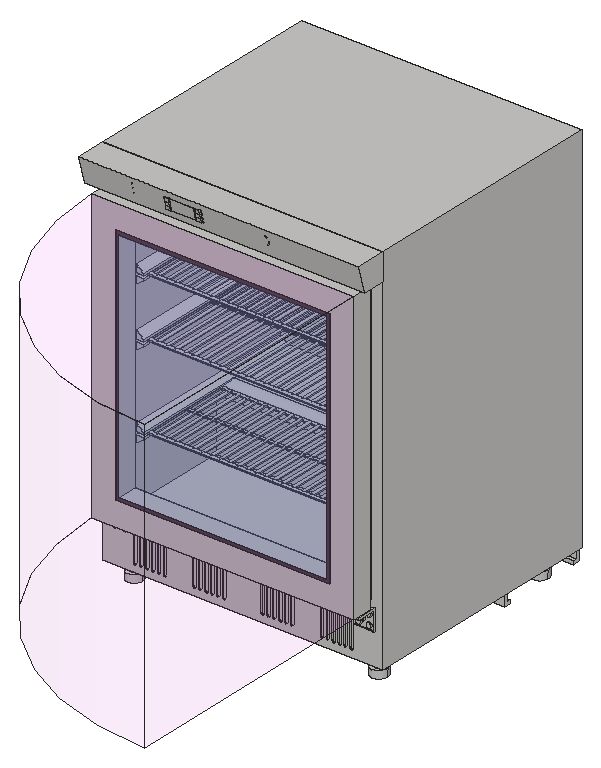
Revit family "QF_Kelvinator_738326_KCHUCGD23F_1-Glass_Door_ADA_Height_Under_Counter_Freezer_24_Long", category Specialty Equipment, Revit 2021
Family settings
  Round Connector Dimension = Use Diameter
  Part Type = Normal
  Work Plane-Based = No
  Always vertical = Yes
  Cut with Voids When Loaded = No
  Shared = No
  Room Calculation Point = No
Parameters
  Weight in Pounds = 114.64
  Watts = 700 W
  Volts = 120 V
  URL Cutsheet = ""
  Specification by User = ""
  Specification by Manufacturer = ""
  Serial Number = ""
  Seismic Rating = ""
  SMACNA No = ""
  Revision Code = ""
  Refrigerant Type = "R290"
  Phase = 1
  Number of Poles = 1
  NAFEM Spec ID Number = ""
  Model = "738326 (KCHUCGD23F)"
  Min Ckt Ampacity = 0 A
  Max Overcurrent Protection = 0 A
  Masterspec = ""
  Manufacturer = "Kelvinator Commercial"
  Length = 23.622"
  Item Number = "738326"
  Installed By = ""
  Identify Quantity as Lot = yes
  Height = 33.03125"
  HP = "1/4"
  Furnished By = ""
  Foodservice Equipment Identifier = yes
  FL Amps = 5.5 A
  Electrical Remarks = ""
  Electric Connection Type = ""
  Elec Conn RI Height = 0.000"
  Elec Conn Connection Height = 0.000"
  Description = "1-Glass Door ADA Height Under Counter Freezer 24\" Long"
  Depth = 23.425"
  Default Elevation = 0.000"
  Cycle = 60 Hz
  Conn Plug = "NEMA 5-15P"
  Conn Conduit = yes
  CSI MasterFormat = ""
  Apparent Power = 0 VA
Reference planes (in)
  plane 1 "BACK": y = 0
  plane 2: z = 0
  plane 3 "LEFT": x = 0
  plane 4 "RIGHT": x = 23.622
  plane 5 "FRONT": y = -23.425
  plane 6 "TOP": z = 33.03125
  plane 7 "Center Y": x = 11.811
  plane 8 "Center X": y = -11.7125
Dimensions and locks (in)
  equal spacing: plane 3 "LEFT", plane 7 "Center Y", plane 4 "RIGHT"
  "Length": plane 3 "LEFT" to plane 4 "RIGHT"
  equal spacing: plane 5 "FRONT", plane 8 "Center X", plane 1 "BACK"
  "Depth": plane 5 "FRONT" to plane 1 "BACK"
  "Height": plane 6 "TOP" to level
  aligned and locked: level to plane 2
Nested families (in)
  nested 1: "KCHRI25R1DRE" at (0, 0, 0), type "KCHRI25R1DRE"
    with Show Clearance yes
Connectors (in)
  electrical at (11.8125, 0.13, 2.5), driven by "Volts", driven by "Watts"
    settings: on nested 1, index 1, voltage 120 V, apparent load 700 VA, apparent load phase1 0 VA, apparent load phase2 0 VA, apparent load phase3 0 VA, power factor 1, load classification "Other", number of poles 1, system type 30, power factor state 1, is connector primary yes, connector utility no, sub classification motor no, connector description ""
Definition of nested family "KCHRI25R1DRE"
  Parameters (values of type "KCHRI25R1DRE")
    Weight in Pounds = 0
    URL Cutsheet = ""
    Specification by User = ""
    Specification by Manufacturer = ""
    Show Clearance [instance] = yes
    Serial Number = ""
    Seismic Rating = ""
    SMACNA No = ""
    Revision Code = ""
    NAFEM Spec ID Number = ""
    Masterspec = ""
    Length = 23.622"
    Item Number = ""
    Installed By = ""
    Identify Quantity as Lot = yes
    Height = 33.03125"
    Furnished By = ""
    Foodservice Equipment Identifier = yes
    Depth = 23.425"
    Default Elevation = 0.000"
    CSI MasterFormat = ""
  Reference planes (in)
    plane 1 "BACK": y = 0
    plane 2: z = 0
    plane 3 "LEFT": x = 0
    plane 4 "RIGHT": x = 23.622
    plane 5 "FRONT": y = -23.425
    plane 6 "TOP": z = 33.03125
    plane 7 "Center Y": x = 11.811
    plane 8 "Center X": y = -11.7125
    plane 9: y = -45.07
    plane 10: z = 30.79125
    plane 11: z = 2
    plane 12: y = -20.9
    plane 13: through (0, -24.0379, 35.3373) normal (0, 0.9659, 0.2588)
  Forms (in)
    Extrusion 1, solid
      sketch origin (0, 0, 0) x (0, 1, 0) y (0, 0, 1)
        loop
          line (-20.9, 33.03125) -> (-20.9, 1.5) -> (0, 1.5) -> (0, 33.03125) -> (-20.9, 33.03125)
      from 0 to 23.625
    Extrusion 2, solid
      sketch origin (0, -24.06217, 35.42785) x (0, -0.258819, 0.965926) y (1, 0, 0)
        loop
          line (-3.01321, 6.99599) -> (-3.01321, 10.1456) -> (-4.19431, 10.1456) -> (-4.19431, 6.99599) -> (-3.01321, 6.99599)
        loop
          line (-3.08986, 7.07473) -> (-3.08986, 7.46843) -> (-3.409, 7.46843) -> (-3.409, 7.07473) -> (-3.08986, 7.07473)
        loop
          line (-3.44419, 7.07473) -> (-3.44419, 7.46843) -> (-3.76333, 7.46843) -> (-3.76333, 7.07473) -> (-3.44419, 7.07473)
        loop
          line (-3.79852, 7.07473) -> (-3.79852, 7.46843) -> (-4.11766, 7.46843) -> (-4.11766, 7.07473) -> (-3.79852, 7.07473)
        loop
          line (-3.08986, 10.06686) -> (-3.409, 10.06686) -> (-3.409, 9.67316) -> (-3.08986, 9.67316) -> (-3.08986, 10.06686)
        loop
          line (-3.44419, 10.06686) -> (-3.76333, 10.06686) -> (-3.76333, 9.67316) -> (-3.44419, 9.67316) -> (-3.44419, 10.06686)
        loop
          line (-3.79852, 10.06686) -> (-4.11766, 10.06686) -> (-4.11766, 9.67316) -> (-3.79852, 9.67316) -> (-3.79852, 10.06686)
        loop
          line (-3.08986, 7.54592) -> (-3.08986, 9.59567) -> (-4.11377, 9.59567) -> (-4.11377, 7.54592) -> (-3.08986, 7.54592)
      from 0.07874 to -0.04602
    Extrusion 3, solid
      sketch origin (0, -24.06217, 35.42785) x (0, -0.258819, 0.965926) y (1, 0, 0)
        loop
          line (-3.08986, 9.67316) -> (-3.08986, 10.06686) -> (-3.409, 10.06686) -> (-3.409, 9.67316) -> (-3.08986, 9.67316)
        loop
          line (-3.44419, 9.67316) -> (-3.44419, 10.06686) -> (-3.76333, 10.06686) -> (-3.76333, 9.67316) -> (-3.44419, 9.67316)
        loop
          line (-3.79852, 9.67316) -> (-3.79852, 10.06686) -> (-4.11766, 10.06686) -> (-4.11766, 9.67316) -> (-3.79852, 9.67316)
        loop
          line (-3.08986, 7.46843) -> (-3.409, 7.46843) -> (-3.409, 7.07473) -> (-3.08986, 7.07473) -> (-3.08986, 7.46843)
        loop
          line (-3.44419, 7.46843) -> (-3.76333, 7.46843) -> (-3.76333, 7.07473) -> (-3.44419, 7.07473) -> (-3.44419, 7.46843)
        loop
          line (-3.79852, 7.46843) -> (-4.11766, 7.46843) -> (-4.11766, 7.07473) -> (-3.79852, 7.07473) -> (-3.79852, 7.46843)
      from 0 to -0.07874
    Extrusion 4, solid
      sketch origin (0, -24.06217, 35.42785) x (0, -0.258819, 0.965926) y (1, 0, 0)
        loop
          line (-3.08986, 7.54592) -> (-3.08986, 9.59567) -> (-4.11377, 9.59567) -> (-4.11377, 7.54592) -> (-3.08986, 7.54592)
      from 0 to -0.07874
    Extrusion 5, void
      sketch origin (0, -24.06217, 35.42785) x (0, 0.258819, -0.965926) y (1, 0, 0)
        loop
          line (3.01321, 6.99599) -> (4.19431, 6.99599) -> (4.19431, 10.1456) -> (3.01321, 10.1456) -> (3.01321, 6.99599)
      from 0 to 0.07874
    Extrusion 6, solid
      sketch origin (0, 0, -4.4425) x (0, 1, 0) y (0, 0, 1)
        loop
          line (-20.9, 37.47375) -> (-23.425, 37.47375) -> (-22.82479, 35.23375) -> (-20.9, 35.23375) -> (-20.9, 37.47375)
      from 0 to 23.625
    Extrusion 7, solid
      sketch origin (0, -24.06217, 35.42785) x (0, -0.258819, 0.965926) y (1, 0, 0)
        loop
          line (-2.96796, 3.80686) -> (-2.96796, 4.30686) -> (-4.21796, 4.30686) -> (-4.21796, 3.80686) -> (-2.96796, 3.80686)
        loop
          circle (-3.51997, 15.27975) r 0.5
      from 0 to 0.06
    Extrusion 8, void
      sketch origin (0, -20.9, 1.75) x (0, 0, -1) y (-1, 0, 0)
        loop
          line (-0.5, -2.59375) -> (-3.3125, -2.59375)
          arc (-3.3125, -2.59375) -> (-3.4751, -2.75635) -> (-3.3125, -2.91894) r 0.1626
          line (-3.3125, -2.91894) -> (-0.5, -2.91894)
          arc (-0.5, -2.91894) -> (-0.3374, -2.75635) -> (-0.5, -2.59375) r 0.1626
        loop
          line (-0.5, -3.09225) -> (-3.3125, -3.09225)
          arc (-3.3125, -3.09225) -> (-3.47585, -3.2556) -> (-3.3125, -3.41894) r 0.16335
          line (-3.3125, -3.41894) -> (-0.5, -3.41894)
          arc (-0.5, -3.41894) -> (-0.33665, -3.2556) -> (-0.5, -3.09225) r 0.16335
        loop
          line (-0.5, -3.59225) -> (-3.3125, -3.59225)
          arc (-3.3125, -3.59225) -> (-3.47585, -3.7556) -> (-3.3125, -3.91894) r 0.16335
          line (-3.3125, -3.91894) -> (-0.5, -3.91894)
          arc (-0.5, -3.91894) -> (-0.33665, -3.7556) -> (-0.5, -3.59225) r 0.16335
        loop
          line (-0.5, -4.09225) -> (-3.3125, -4.09225)
          arc (-3.3125, -4.09225) -> (-3.47585, -4.2556) -> (-3.3125, -4.41894) r 0.16335
          line (-3.3125, -4.41894) -> (-0.5, -4.41894)
          arc (-0.5, -4.41894) -> (-0.33665, -4.2556) -> (-0.5, -4.09225) r 0.16335
        loop
          line (-0.5, -4.59225) -> (-3.3125, -4.59225)
          arc (-3.3125, -4.59225) -> (-3.47585, -4.7556) -> (-3.3125, -4.91894) r 0.16335
          line (-3.3125, -4.91894) -> (-0.5, -4.91894)
          arc (-0.5, -4.91894) -> (-0.33665, -4.7556) -> (-0.5, -4.59225) r 0.16335
        loop
          line (-0.5, -5.09225) -> (-3.3125, -5.09225)
          arc (-3.3125, -5.09225) -> (-3.47585, -5.2556) -> (-3.3125, -5.41894) r 0.16335
          line (-3.3125, -5.41894) -> (-0.5, -5.41894)
          arc (-0.5, -5.41894) -> (-0.33665, -5.2556) -> (-0.5, -5.09225) r 0.16335
        loop
          line (-0.5, -7.59225) -> (-3.3125, -7.59225)
          arc (-3.3125, -7.59225) -> (-3.47585, -7.7556) -> (-3.3125, -7.91894) r 0.16335
          line (-3.3125, -7.91894) -> (-0.5, -7.91894)
          arc (-0.5, -7.91894) -> (-0.33665, -7.7556) -> (-0.5, -7.59225) r 0.16335
        loop
          line (-0.5, -8.09225) -> (-3.3125, -8.09225)
          arc (-3.3125, -8.09225) -> (-3.47585, -8.2556) -> (-3.3125, -8.41894) r 0.16335
          line (-3.3125, -8.41894) -> (-0.5, -8.41894)
          arc (-0.5, -8.41894) -> (-0.33665, -8.2556) -> (-0.5, -8.09225) r 0.16335
        loop
          line (-0.5, -8.59225) -> (-3.3125, -8.59225)
          arc (-3.3125, -8.59225) -> (-3.47585, -8.7556) -> (-3.3125, -8.91894) r 0.16335
          line (-3.3125, -8.91894) -> (-0.5, -8.91894)
          arc (-0.5, -8.91894) -> (-0.33665, -8.7556) -> (-0.5, -8.59225) r 0.16335
        loop
          line (-0.5, -9.09225) -> (-3.3125, -9.09225)
          arc (-3.3125, -9.09225) -> (-3.47585, -9.2556) -> (-3.3125, -9.41894) r 0.16335
          line (-3.3125, -9.41894) -> (-0.5, -9.41894)
          arc (-0.5, -9.41894) -> (-0.33665, -9.2556) -> (-0.5, -9.09225) r 0.16335
        loop
          line (-0.5, -9.59225) -> (-3.3125, -9.59225)
          arc (-3.3125, -9.59225) -> (-3.47585, -9.7556) -> (-3.3125, -9.91894) r 0.16335
          line (-3.3125, -9.91894) -> (-0.5, -9.91894)
          arc (-0.5, -9.91894) -> (-0.33665, -9.7556) -> (-0.5, -9.59225) r 0.16335
        loop
          line (-0.5, -10.09225) -> (-3.3125, -10.09225)
          arc (-3.3125, -10.09225) -> (-3.47585, -10.2556) -> (-3.3125, -10.41894) r 0.16335
          line (-3.3125, -10.41894) -> (-0.5, -10.41894)
          arc (-0.5, -10.41894) -> (-0.33665, -10.2556) -> (-0.5, -10.09225) r 0.16335
        loop
          arc (-0.5, -21.15475) -> (-0.33665, -20.9914) -> (-0.5, -20.82806) r 0.16335
          line (-0.5, -20.82806) -> (-3.3125, -20.82806)
          arc (-3.3125, -20.82806) -> (-3.47585, -20.9914) -> (-3.3125, -21.15475) r 0.16335
          line (-3.3125, -21.15475) -> (-0.5, -21.15475)
        loop
          arc (-0.5, -20.65475) -> (-0.33665, -20.4914) -> (-0.5, -20.32806) r 0.16335
          line (-0.5, -20.32806) -> (-3.3125, -20.32806)
          arc (-3.3125, -20.32806) -> (-3.47585, -20.4914) -> (-3.3125, -20.65475) r 0.16335
          line (-3.3125, -20.65475) -> (-0.5, -20.65475)
        loop
          arc (-0.5, -20.15475) -> (-0.33665, -19.9914) -> (-0.5, -19.82806) r 0.16335
          line (-0.5, -19.82806) -> (-3.3125, -19.82806)
          arc (-3.3125, -19.82806) -> (-3.47585, -19.9914) -> (-3.3125, -20.15475) r 0.16335
          line (-3.3125, -20.15475) -> (-0.5, -20.15475)
        loop
          arc (-0.5, -19.65475) -> (-0.33665, -19.4914) -> (-0.5, -19.32806) r 0.16335
          line (-0.5, -19.32806) -> (-3.3125, -19.32806)
          arc (-3.3125, -19.32806) -> (-3.47585, -19.4914) -> (-3.3125, -19.65475) r 0.16335
          line (-3.3125, -19.65475) -> (-0.5, -19.65475)
        loop
          arc (-0.5, -19.15475) -> (-0.33665, -18.9914) -> (-0.5, -18.82806) r 0.16335
          line (-0.5, -18.82806) -> (-3.3125, -18.82806)
          arc (-3.3125, -18.82806) -> (-3.47585, -18.9914) -> (-3.3125, -19.15475) r 0.16335
          line (-3.3125, -19.15475) -> (-0.5, -19.15475)
        loop
          arc (-0.5, -18.65475) -> (-0.33665, -18.4914) -> (-0.5, -18.32806) r 0.16335
          line (-0.5, -18.32806) -> (-3.3125, -18.32806)
          arc (-3.3125, -18.32806) -> (-3.47585, -18.4914) -> (-3.3125, -18.65475) r 0.16335
          line (-3.3125, -18.65475) -> (-0.5, -18.65475)
        loop
          arc (-0.5, -16.15475) -> (-0.33665, -15.9914) -> (-0.5, -15.82806) r 0.16335
          line (-0.5, -15.82806) -> (-3.3125, -15.82806)
          arc (-3.3125, -15.82806) -> (-3.47585, -15.9914) -> (-3.3125, -16.15475) r 0.16335
          line (-3.3125, -16.15475) -> (-0.5, -16.15475)
        loop
          arc (-0.5, -15.65475) -> (-0.33665, -15.4914) -> (-0.5, -15.32806) r 0.16335
          line (-0.5, -15.32806) -> (-3.3125, -15.32806)
          arc (-3.3125, -15.32806) -> (-3.47585, -15.4914) -> (-3.3125, -15.65475) r 0.16335
          line (-3.3125, -15.65475) -> (-0.5, -15.65475)
        loop
          arc (-0.5, -15.15475) -> (-0.33665, -14.9914) -> (-0.5, -14.82806) r 0.16335
          line (-0.5, -14.82806) -> (-3.3125, -14.82806)
          arc (-3.3125, -14.82806) -> (-3.47585, -14.9914) -> (-3.3125, -15.15475) r 0.16335
          line (-3.3125, -15.15475) -> (-0.5, -15.15475)
        loop
          arc (-0.5, -14.65475) -> (-0.33665, -14.4914) -> (-0.5, -14.32806) r 0.16335
          line (-0.5, -14.32806) -> (-3.3125, -14.32806)
          arc (-3.3125, -14.32806) -> (-3.47585, -14.4914) -> (-3.3125, -14.65475) r 0.16335
          line (-3.3125, -14.65475) -> (-0.5, -14.65475)
        loop
          arc (-0.5, -14.15475) -> (-0.33665, -13.9914) -> (-0.5, -13.82806) r 0.16335
          line (-0.5, -13.82806) -> (-3.3125, -13.82806)
          arc (-3.3125, -13.82806) -> (-3.47585, -13.9914) -> (-3.3125, -14.15475) r 0.16335
          line (-3.3125, -14.15475) -> (-0.5, -14.15475)
        loop
          arc (-0.5, -13.65475) -> (-0.33665, -13.4914) -> (-0.5, -13.32806) r 0.16335
          line (-0.5, -13.32806) -> (-3.3125, -13.32806)
          arc (-3.3125, -13.32806) -> (-3.47585, -13.4914) -> (-3.3125, -13.65475) r 0.16335
          line (-3.3125, -13.65475) -> (-0.5, -13.65475)
      from 0 to 0.03
    Extrusion 9, solid
      sketch origin (0, 0, 0) x (0, 1, 0) y (0, 0, 1)
        loop
          line (-0.25, 1.5) -> (-0.55, 1.5) -> (-0.55, 0.9) -> (-0.85, 0.9) -> (-0.85, 0.6) -> (-0.25, 0.6) -> (-0.25, 1.5)
        loop
          line (-8.14417, 1.5) -> (-8.14417, 0.6) -> (-7.54417, 0.6) -> (-7.54417, 0.9) -> (-7.84417, 0.9) -> (-7.84417, 1.5) -> (-8.14417, 1.5)
      from 0 to 23.622
    Extrusion 10, solid
      sketch origin (11.811, 6.90541, 48.75) x (0, 1, 0) y (0, 0, 1)
        loop
          line (-28.19541, -18.96875) -> (-28.19541, -42.37723) -> (-27.80541, -42.37723) -> (-27.80541, -18.96875) -> (-28.19541, -18.96875)
      from -10.75 to 10.75
    Extrusion 11, solid
      sketch origin (23.225, -180, 5.74631) x (0, 0, 1) y (0, -1, 0)
        loop
          arc (0.13369, -157.44253) -> (0.06869, -157.37753) -> (0.00369, -157.44253) r 0.065
          line (0.00369, -157.44253) -> (0.00369, -158.97) -> (-1.53049, -158.97)
          arc (-1.53049, -158.97) -> (-1.59549, -159.035) -> (-1.53049, -159.1) r 0.065
          line (-1.53049, -159.1) -> (0.13369, -159.1) -> (0.13369, -157.44253)
      from -0.28875 to -1.93696
    Extrusion 12, solid
      sketch origin (23.225, -21.03, 5.88) x (0, 0, -1) y (1, 0, 0)
        loop
          circle (0.48805, -0.65854) r 0.19641
        loop
          circle (0.48805, -1.51195) r 0.2
        loop
          circle (1.33739, -0.65854) r 0.2
        loop
          circle (1.33739, -1.51195) r 0.2
        loop
          line (1.13, -1.16094) -> (1.13, -1.06477) -> (0.13, -1.06477) -> (0.13, -1.16094) -> (1.13, -1.16094)
      from 0 to 0.0825
    Extrusion 13, solid
      sketch origin (0, -20.9, 2.25) x (0, 0, 1) y (-1, 0, 0)
        loop
          circle (3.14195, -1.05854) r 0.19641
        loop
          circle (3.14195, -1.91195) r 0.2
        loop
          circle (2.29261, -1.05854) r 0.2
        loop
          circle (2.29261, -1.91195) r 0.2
      from 0 to 0.0825
    Revolve 14, solid
      sketch origin (0, -19.42, 1.5) x (0, 0, 1) y (1, 0, 0)
        loop
          line (0, 22.122) -> (0, 22.4345) -> (-0.9, 22.4345) -> (-0.9, 22.8095) -> (-1.5, 22.8095) -> (-1.5, 22.122) -> (0, 22.122)
        axis (-1.5, 22.122) -> (0, 22.122)
      angle from 0 to 360
    Revolve 15, solid
      sketch origin (23.625, -19.42, 1.5) x (0, 0, 1) y (1, 0, 0)
        loop
          line (0, -22.125) -> (-1.5, -22.125) -> (-1.5, -22.8125) -> (-0.9, -22.8125) -> (-0.9, -22.4375) -> (0, -22.4375) -> (0, -22.125)
        axis (-1.5, -22.125) -> (0, -22.125)
      angle from 0 to 360
    Revolve 16, solid
      sketch origin (0, -2.5, 1.5) x (0, 0, 1) y (-1, 0, 0)
        loop
          line (0, -22.122) -> (-1.5, -22.122) -> (-1.5, -22.8095) -> (-0.9, -22.8095) -> (-0.9, -22.4345) -> (0, -22.4345) -> (0, -22.122)
        axis (-1.5, -22.122) -> (0, -22.122)
      angle from 0 to 360
    Revolve 17, solid
      sketch origin (23.625, -2.5, 1.5) x (0, 0, 1) y (-1, 0, 0)
        loop
          line (0, 22.125) -> (0, 22.4375) -> (-0.9, 22.4375) -> (-0.9, 22.8125) -> (-1.5, 22.8125) -> (-1.5, 22.125) -> (0, 22.125)
        axis (-1.5, 22.125) -> (0, 22.125)
      angle from 0 to 360
    Extrusion 18, void
      sketch origin (11.8125, -14.38459, 53.88) x (0, 1, 0) y (0, 0, 1)
        loop
          line (-6.90541, -23.08875) -> (-6.90541, -47.71375) -> (2.67209, -47.71375) -> (2.67209, -43.12311)
          arc (2.67209, -43.12311) -> (2.96499, -42.416) -> (3.67209, -42.12311) r 1
          line (3.67209, -42.12311) -> (9.42209, -42.12311) -> (9.42209, -23.08875) -> (-6.90541, -23.08875)
      from -9.66 to 9.66
    Extrusion 19, solid
      sketch origin (2.1525, -14.38459, 53.88) x (0, 1, 0) y (0, 0, 1)
        loop
          line (-6.51541, -23.08875) -> (-6.51541, -24.33875) -> (-6.26541, -24.33875) -> (-6.26541, -23.08875) -> (-6.51541, -23.08875)
        loop
          line (-6.51541, -47.71375) -> (-6.26541, -47.71375) -> (-6.26541, -46.46375) -> (-6.51541, -46.46375) -> (-6.51541, -47.71375)
      from 0 to 19.32
    Extrusion 20, solid
      sketch origin (11.8125, -4.9625, 30.79125) x (0, 0, -1) y (1, 0, 0)
        loop
          line (7.41428, -8.95343) -> (7.41428, -9.66) -> (8.02056, -9.66) -> (7.54397, -8.95343) -> (7.41428, -8.95343)
        loop
          line (7.1582, -8.95343) -> (7.02851, -8.95343) -> (6.55192, -9.66) -> (7.1582, -9.66) -> (7.1582, -8.95343)
        loop
          line (12.41428, -8.95343) -> (12.41428, -9.66) -> (13.02056, -9.66) -> (12.54397, -8.95343) -> (12.41428, -8.95343)
        loop
          line (12.1582, -8.95343) -> (12.02851, -8.95343) -> (11.55192, -9.66) -> (12.1582, -9.66) -> (12.1582, -8.95343)
        loop
          line (19.41428, -8.95343) -> (19.41428, -9.66) -> (20.02056, -9.66) -> (19.54397, -8.95343) -> (19.41428, -8.95343)
        loop
          line (19.1582, -8.95343) -> (19.02851, -8.95343) -> (18.55192, -9.66) -> (19.1582, -9.66) -> (19.1582, -8.95343)
        loop
          line (7.41428, 8.95343) -> (7.54397, 8.95343) -> (8.02056, 9.66) -> (7.41428, 9.66) -> (7.41428, 8.95343)
        loop
          line (7.1582, 8.95343) -> (7.1582, 9.66) -> (6.55192, 9.66) -> (7.02851, 8.95343) -> (7.1582, 8.95343)
        loop
          line (12.41428, 8.95343) -> (12.54397, 8.95343) -> (13.02056, 9.66) -> (12.41428, 9.66) -> (12.41428, 8.95343)
        loop
          line (12.1582, 8.95343) -> (12.1582, 9.66) -> (11.55192, 9.66) -> (12.02851, 8.95343) -> (12.1582, 8.95343)
        loop
          line (19.41428, 8.95343) -> (19.54397, 8.95343) -> (20.02056, 9.66) -> (19.41428, 9.66) -> (19.41428, 8.95343)
        loop
          line (19.1582, 8.95343) -> (19.1582, 9.66) -> (18.55192, 9.66) -> (19.02851, 8.95343) -> (19.1582, 8.95343)
      from 0 to 15.20871
    Extrusion 21, solid
      sketch origin (0, 0, 33.03125) x (0, 0, -1) y (-1, 0, 0)
        loop
          circle (30.53125, -11.8125) r 0.25
      from 0 to 0.13
  Cuts and joins
    Extrusion 5 cuts Extrusion 2
    Extrusion 8 cuts Extrusion 6
    Extrusion 8, Extrusion 18 cuts Extrusion 1
    joined: Extrusion 1, Extrusion 19, Extrusion 20
    Extrusion 18 cuts Extrusion 10
  Lines and regions (in)
    symbolic lines
      curve 1: line (0, -23.425, 0) -> (0, 0, 0)
      curve 2: line (23.622, 0, 0) -> (0, 0, 0)
      curve 3: line (23.622, -23.425, 0) -> (23.622, 0, 0)
      curve 4: line (23.622, -20.9, 0) -> (0, -20.9, 0)
      curve 5: line (0, -23.425, 0) -> (23.622, -23.425, 0)
      curve 6: line (3.80686, -23.485, 0) -> (4.30686, -23.485, 0)
      curve 7: line (4.30686, -23.485, 0) -> (4.30686, -23.425, 0)
      curve 8: line (3.80686, -23.485, 0) -> (3.80686, -23.425, 0)
      curve 9: line (6.65374, -23.47102, 0) -> (9.80185, -23.47102, 0)
      curve 10: line (9.80185, -23.47102, 0) -> (9.80185, -23.425, 0)
      curve 11: line (6.65374, -23.47102, 0) -> (6.65374, -23.425, 0)
      curve 12: line (11.311, -23.485, 0) -> (12.311, -23.485, 0)
      curve 13: line (12.311, -23.485, 0) -> (12.311, -23.425, 0)
      curve 14: line (11.311, -23.485, 0) -> (11.311, -23.425, 0)
  Dimensions and locks (in)
    equal spacing: plane 3 "LEFT", plane 7 "Center Y", plane 4 "RIGHT"
    "Length": plane 3 "LEFT" to plane 4 "RIGHT"
    equal spacing: plane 5 "FRONT", plane 8 "Center X", plane 1 "BACK"
    "Depth": plane 5 "FRONT" to plane 1 "BACK"
    "Height": plane 6 "TOP" to level
    plane 9 to plane 1 "BACK" = 45.070"
    plane 6 "TOP" to level = 33.03125"
    plane 5 "FRONT" to plane 1 "BACK" = 23.425"
    plane 12 to plane 1 "BACK" = 20.900"
    aligned and locked: level to plane 2
    aligned and locked: Extrusion 9 to plane 4 "RIGHT"
    aligned and locked: plane 13 to cut or joined group of Extrusion 6, Extrusion 8
  Automatic sketch dimensions
    Extrusion 1 sketch curve to plane 12 = 0.000"
    Extrusion 1 sketch curve to plane 1 "BACK" = 0.000"
    Extrusion 1 sketch curve to plane 6 "TOP" = 0.000"
    level to Extrusion 1 sketch curve = 1.500"
    Extrusion 2 sketch curve to plane 7 "Center Y" = 4.81501"
    Extrusion 2 sketch curve to Extrusion 2 sketch curve = 0.07665"  (x3)
    Extrusion 2 sketch curve to Extrusion 2 sketch curve = 0.00389"
    Extrusion 2 sketch curve to Extrusion 2 sketch curve = 0.31914"  (x6)
    Extrusion 2 sketch curve to Extrusion 2 sketch curve = 0.03519"  (x4)
    Extrusion 2 sketch curve to Extrusion 2 sketch curve = 0.000"  (x7)
    Extrusion 2 sketch curve to Extrusion 2 sketch curve = 0.07874"  (x3)
    Extrusion 2 sketch curve to Extrusion 2 sketch curve = 0.3937"  (x2)
    Extrusion 2 sketch curve to Extrusion 2 sketch curve = 0.07748"  (x3)
    Extrusion 2 sketch curve to Extrusion 2 sketch curve = 2.04976"
    Extrusion 3 sketch curve to plane 7 "Center Y" = 4.73627"
    Extrusion 3 sketch curve to Extrusion 3 sketch curve = 0.000"  (x9)
    Extrusion 3 sketch curve to Extrusion 3 sketch curve = 0.31914"  (x6)
    Extrusion 3 sketch curve to Extrusion 3 sketch curve = 0.03519"  (x4)
    Extrusion 3 sketch curve to Extrusion 3 sketch curve = 0.3937"  (x2)
    Extrusion 3 sketch curve to plane 7 "Center Y" = 2.13784"
    Extrusion 4 sketch curve to plane 7 "Center Y" = 4.26508"
    Extrusion 4 sketch curve to Extrusion 4 sketch curve = 1.02391"
    Extrusion 4 sketch curve to Extrusion 4 sketch curve = 2.04976"
    Extrusion 5 sketch curve to plane 7 "Center Y" = 1.6654"
    Extrusion 5 sketch curve to Extrusion 5 sketch curve = 1.1811"
    Extrusion 5 sketch curve to Extrusion 5 sketch curve = 3.14961"
    plane 3 "LEFT" to Extrusion 7 sketch curve = 4.30686"
    plane 7 "Center Y" to Extrusion 7 sketch curve = 3.46875"
    Extrusion 7 sketch curve to Extrusion 7 sketch curve = 0.69799"
    Extrusion 7 sketch curve to Extrusion 7 sketch curve = 1.250"
    Extrusion 7 sketch curve to Extrusion 7 sketch curve = 0.500"
    plane 3 "LEFT" to Extrusion 8 sketch curve = 2.59375"
    level to Extrusion 8 sketch curve = 5.0625"  (x2)
    plane 7 "Center Y" to Extrusion 8 sketch curve = 1.6804"
    Extrusion 8 sketch curve to Extrusion 8 sketch curve = 0.000"  (x42)
    Extrusion 8 sketch curve to Extrusion 8 sketch curve = 2.8125"  (x4)
    Extrusion 8 sketch curve to Extrusion 8 sketch curve = 0.16335"  (x23)
    Extrusion 8 sketch curve to Extrusion 8 sketch curve = 0.17331"  (x20)
    Extrusion 8 sketch curve to Extrusion 8 sketch curve = 2.17331"  (x2)
    Extrusion 8 sketch curve to plane 7 "Center Y" = 1.39206"
    level to Extrusion 9 sketch curve = 1.500"  (x2)
    plane 8 "Center X" to Extrusion 9 sketch curve = 3.56833"
    Extrusion 9 sketch curve to Extrusion 9 sketch curve = 0.300"  (x5)
    plane 1 "BACK" to Extrusion 9 sketch curve = 0.850"
    plane 1 "BACK" to Extrusion 9 sketch curve = 0.250"
    Extrusion 9 sketch curve to Extrusion 9 sketch curve = 0.600"  (x2)
    Extrusion 10 sketch curve to plane 12 = 0.000"
    Extrusion 10 sketch curve to Extrusion 10 sketch curve = 0.390"
    level to Extrusion 10 sketch curve = 6.37277"
    Extrusion 10 sketch curve to plane 6 "TOP" = 3.250"
    Extrusion 11 sketch curve to plane 12 = 0.000"
    Extrusion 11 sketch curve to plane 12 = 0.130"
    level to Extrusion 11 sketch curve = 4.21581"
    Extrusion 11 sketch curve to Extrusion 11 sketch curve = 1.53419"
    Extrusion 11 sketch curve to Extrusion 11 sketch curve = 0.065"
    Extrusion 11 sketch curve to plane 5 "FRONT" = 0.86753"
    Extrusion 12 sketch curve to Extrusion 11 = 0.000"
    Extrusion 11 to Extrusion 12 sketch curve = 0.35805"  (x2)
    Extrusion 12 sketch curve to Extrusion 11 = 0.53419"
    Extrusion 12 sketch curve to Extrusion 11 = 0.3268"  (x2)
    Extrusion 11 to Extrusion 12 sketch curve = 0.42502"  (x2)
    Extrusion 12 sketch curve to Extrusion 12 sketch curve = 0.351"
    Extrusion 12 sketch curve to Extrusion 12 sketch curve = 0.09617"
    Extrusion 11 to Extrusion 12 sketch curve = 0.36979"  (x2)
    Extrusion 1 to Extrusion 13 sketch curve = 1.05854"
    Extrusion 13 sketch curve to Extrusion 1 = 3.04261"
    Extrusion 13 sketch curve to Extrusion 13 sketch curve = 0.000"  (x3)
    Extrusion 13 sketch curve to Extrusion 13 sketch curve = 0.84934"  (x2)
    Extrusion 13 sketch curve to Extrusion 13 sketch curve = 0.8534"
    Revolve 14 sketch curve to level = 0.000"  (x2)
    level to Revolve 14 sketch curve = 0.600"
    Revolve 14 sketch curve to Revolve 14 sketch curve = 0.900"
    plane 4 "RIGHT" to Revolve 14 sketch curve = 1.500"
    Revolve 14 sketch curve to Revolve 14 sketch curve = 0.3125"
    Revolve 14 sketch curve to Revolve 14 sketch curve = 0.6875"
    Revolve 14 sketch curve to Revolve 14 sketch curve = 0.36907"
    Revolve 14 sketch curve to Revolve 14 sketch curve = 0.000"
    Revolve 15 sketch curve to level = 0.000"  (x2)
    level to Revolve 15 sketch curve = 0.600"
    Revolve 15 sketch curve to Revolve 15 sketch curve = 0.900"
    plane 3 "LEFT" to Revolve 15 sketch curve = 0.8125"
    Revolve 15 sketch curve to Revolve 15 sketch curve = 0.375"
    Revolve 15 sketch curve to Revolve 15 sketch curve = 0.3125"
    Revolve 15 sketch curve to Revolve 15 sketch curve = 0.36907"
    Revolve 15 sketch curve to Revolve 15 sketch curve = 0.000"
    Revolve 16 sketch curve to level = 0.000"  (x2)
    level to Revolve 16 sketch curve = 0.600"
    Revolve 16 sketch curve to Revolve 16 sketch curve = 0.900"
    plane 4 "RIGHT" to Revolve 16 sketch curve = 0.8125"
    Revolve 16 sketch curve to Revolve 16 sketch curve = 0.375"
    Revolve 16 sketch curve to Revolve 16 sketch curve = 0.3125"
    Revolve 16 sketch curve to Revolve 16 sketch curve = 0.36907"
    Revolve 16 sketch curve to Revolve 16 sketch curve = 0.000"
    Revolve 17 sketch curve to level = 0.000"  (x2)
    level to Revolve 17 sketch curve = 0.600"
    Revolve 17 sketch curve to Revolve 17 sketch curve = 0.900"
    plane 3 "LEFT" to Revolve 17 sketch curve = 1.500"
    Revolve 17 sketch curve to Revolve 17 sketch curve = 0.3125"
    Revolve 17 sketch curve to Revolve 17 sketch curve = 0.6875"
    Revolve 17 sketch curve to Revolve 17 sketch curve = 0.36907"
    Revolve 17 sketch curve to Revolve 17 sketch curve = 0.000"
    plane 1 "BACK" to curve 1 = 0.000"
    curve 1 to plane 3 "LEFT" = 0.000"
    plane 5 "FRONT" to curve 8 = 0.000"
    curve 3 to plane 4 "RIGHT" = 0.000"
    curve 4 to plane 12 = 0.000"
    plane 5 "FRONT" to curve 6 = 0.060"
    plane 3 "LEFT" to curve 6 = 3.80686"
    curve 6 to curve 7 = 0.500"
    plane 5 "FRONT" to curve 9 = 0.04602"
    curve 6 to curve 9 = 2.34688"
    curve 10 to plane 7 "Center Y" = 2.00915"
    plane 5 "FRONT" to curve 14 = 0.060"
    curve 14 to plane 7 "Center Y" = 0.500"
    plane 7 "Center Y" to curve 13 = 0.500"
    Extrusion 6 sketch curve to plane 5 "FRONT" = 0.000"
    Extrusion 6 sketch curve to plane 10 = 0.000"
    Extrusion 6 sketch curve to plane 6 "TOP" = 0.000"
    Extrusion 6 sketch curve to plane 12 = 0.000"
    Extrusion 6 sketch curve to plane 5 "FRONT" = 0.60021"
    Extrusion 18 sketch curve to plane 10 = 0.000"
    Extrusion 18 sketch curve to plane 12 = 0.390"
    Extrusion 18 sketch curve to plane 8 "Center X" = 0.000"
    Extrusion 18 sketch curve to Extrusion 18 sketch curve = 1.000"
    plane 1 "BACK" to Extrusion 18 sketch curve = 4.9625"
    level to Extrusion 18 sketch curve = 11.75689"
    level to Extrusion 18 sketch curve = 6.16625"
    Extrusion 19 sketch curve to Extrusion 18 = 0.000"
    Extrusion 18 to Extrusion 19 sketch curve = 0.000"
    Extrusion 19 sketch curve to Extrusion 18 = 0.390"  (x2)
    Extrusion 19 sketch curve to Extrusion 19 sketch curve = 0.250"  (x2)
    Extrusion 19 sketch curve to Extrusion 19 sketch curve = 1.250"  (x2)
    Extrusion 20 sketch curve to Extrusion 18 = 0.000"  (x5)
    Extrusion 18 to Extrusion 20 sketch curve = 0.000"  (x7)
    Extrusion 18 to Extrusion 20 sketch curve = 6.55192"  (x2)
    Extrusion 20 sketch curve to Extrusion 20 sketch curve = 0.47659"  (x4)
    Extrusion 18 to Extrusion 20 sketch curve = 0.70657"  (x8)
    Extrusion 20 sketch curve to Extrusion 20 sketch curve = 0.60628"  (x8)
    Extrusion 20 sketch curve to Extrusion 20 sketch curve = 0.12969"  (x8)
    Extrusion 20 sketch curve to Extrusion 20 sketch curve = 0.25608"  (x6)
    Extrusion 20 sketch curve to Extrusion 20 sketch curve = 3.53137"  (x2)
    Extrusion 18 to Extrusion 20 sketch curve = 0.48243"  (x2)
    Extrusion 18 to Extrusion 20 sketch curve = 0.00585"  (x2)
    Extrusion 20 sketch curve to Extrusion 18 = 0.12385"  (x2)
    Extrusion 20 sketch curve to Extrusion 20 sketch curve = 0.000"  (x4)
    Extrusion 1 to Extrusion 21 sketch curve = 1.000"
    Extrusion 1 to Extrusion 21 sketch curve = 11.8125"
    radius of Extrusion 7 sketch curve = 0.500"
    radius of Extrusion 12 sketch curve = 0.19641"
    radius of Extrusion 12 sketch curve = 0.200"  (x3)
    radius of Extrusion 13 sketch curve = 0.19641"
    radius of Extrusion 13 sketch curve = 0.200"  (x3)
    radius of Extrusion 21 sketch curve = 0.250"
  Nested families (in)
    nested 1: "Family4" at (0.7825, -21.29, 5.88), Show Clearance <- "Show Clearance", type "Family4"
    nested 2: "Family2" at (2.15625, -5.8, 7.5), type "Family2"
  Definition of nested family "Family4"
    Parameters (values of type "Family4")
      Weight in Pounds = 0
      URL Cutsheet = ""
      Specification by User = ""
      Specification by Manufacturer = ""
      Show Clearance [instance] = yes
      Serial Number = ""
      Seismic Rating = ""
      SMACNA No = ""
      Revision Code = ""
      NAFEM Spec ID Number = ""
      Masterspec = ""
      Length = 22.060"
      Item Number = ""
      Installed By = ""
      Identify Quantity as Lot = yes
      Height = 24.39844"
      Furnished By = ""
      Foodservice Equipment Identifier = yes
      Depth = 1.720"
      Default Elevation = 0.000"
      CSI MasterFormat = ""
    Reference planes (in)
      plane 1 "BACK": y = 0
      plane 2: z = 0
      plane 3 "LEFT": x = 0
      plane 4 "RIGHT": x = 22.06
      plane 5 "FRONT": y = -1.72
      plane 6 "TOP": z = 24.39844
      plane 7 "Center Y": x = 11.03
      plane 8 "Center X": y = -0.86
      plane 9: y = -2.13
    Forms (in)
      Extrusion 1, solid
        sketch origin (0, 0, 0) x (1, 0, 0) y (0, 0, 1)
          loop
            line (0, 24.39844) -> (0, 0) -> (22.06, 0) -> (22.06, 24.39844) -> (0, 24.39844)
          loop
            line (2, 22.39844) -> (2, 2) -> (20.06, 2) -> (20.06, 22.39844) -> (2, 22.39844)
        from 0 to 1.72
      Extrusion 2, solid
        sketch origin (0, 0, 0) x (1, 0, 0) y (0, 0, 1)
          loop
            line (2, 22.39844) -> (2, 2) -> (20.06, 2) -> (20.06, 22.39844) -> (2, 22.39844)
          loop
            line (2.25, 22.14844) -> (2.25, 2.25) -> (19.81, 2.25) -> (19.81, 22.14844) -> (2.25, 22.14844)
        from 0 to 1.72
      Extrusion 3, solid
        sketch origin (0, 0, 0) x (1, 0, 0) y (0, 0, 1)
          loop
            line (2.25, 22.14844) -> (2.25, 2.25) -> (19.81, 2.25) -> (19.81, 22.14844) -> (2.25, 22.14844)
        from 0 to 1.72
      Extrusion 4, solid, visible <- "Show Clearance"
        sketch origin (0, 0, 0) x (1, 0, 0) y (0, 1, 0)
          loop
            arc (0, -1.72) -> (6.46122, -17.31878) -> (22.06, -23.78) r 22.06
            line (22.06, -23.78) -> (22.06, -1.72) -> (0, -1.72)
        from 0 to 24.39844
      Extrusion 5, void
        sketch origin (-38.39759, -180, 24.39844) x (0, -1, 0) y (-1, 0, 0)
          loop
            line (-179.54238, -38.39759) -> (-179.868, -38.72322) -> (-179.61281, -38.97841) -> (-179.14, -38.97841) -> (-178.66719, -38.97841) -> (-178.412, -38.72322) -> (-178.73762, -38.39759) -> (-179.54238, -38.39759)
        from 1.1919 to 8.33936
      Extrusion 6, solid
        sketch origin (0, 0, 0) x (0, 1, 0) y (0, 0, 1)
          loop
            line (-1.33281, 22.73373) -> (-1.33281, 16.53188) -> (-0.86, 16.05907) -> (-0.38719, 16.53188) -> (-0.38719, 22.73373) -> (-0.86, 23.20654) -> (-1.33281, 22.73373)
          loop
            line (-1.588, 23.20654) -> (-1.588, 16.05907) -> (-0.86, 15.70552) -> (-0.132, 16.05907) -> (-0.132, 23.20654) -> (-0.86, 23.56009) -> (-1.588, 23.20654)
        from -0.11833 to 0.58082
    Cuts and joins
      Extrusion 5 cuts Extrusion 1
      Extrusion 5 cuts Extrusion 6
      joined: Extrusion 1, Extrusion 6
    Lines and regions (in)
      symbolic lines, visible <- "Show Clearance"
        curve 1: arc (0.0038, -2.1297, 0) -> (0.84402, -7.76366, 0) -> (3.09883, -12.99465, 0) r 22.06
        curve 2: line (21.37048, -2.13, 0) -> (3.09883, -12.99465, 0)
    Dimensions and locks (in)
      equal spacing: plane 3 "LEFT", plane 7 "Center Y", plane 4 "RIGHT"
      "Length": plane 3 "LEFT" to plane 4 "RIGHT"
      equal spacing: plane 5 "FRONT", plane 8 "Center X", plane 1 "BACK"
      "Depth": plane 5 "FRONT" to plane 1 "BACK"
      "Height": plane 6 "TOP" to level
      plane 4 "RIGHT" to plane 3 "LEFT" = 22.060"
      aligned and locked: level to plane 2
    Automatic sketch dimensions
      Extrusion 1 sketch curve to level = 0.000"
      Extrusion 1 sketch curve to plane 3 "LEFT" = 0.000"
      plane 4 "RIGHT" to Extrusion 1 sketch curve = 0.000"
      Extrusion 1 sketch curve to plane 6 "TOP" = 0.000"
      plane 3 "LEFT" to Extrusion 1 sketch curve = 2.000"
      plane 4 "RIGHT" to Extrusion 1 sketch curve = 2.000"
      Extrusion 1 sketch curve to plane 6 "TOP" = 2.000"
      level to Extrusion 1 sketch curve = 2.000"
      plane 3 "LEFT" to Extrusion 2 sketch curve = 2.000"
      plane 4 "RIGHT" to Extrusion 2 sketch curve = 2.000"
      level to Extrusion 2 sketch curve = 2.000"
      Extrusion 2 sketch curve to plane 6 "TOP" = 2.000"
      Extrusion 2 sketch curve to Extrusion 2 sketch curve = 0.250"  (x4)
      plane 3 "LEFT" to Extrusion 3 sketch curve = 2.250"
      plane 4 "RIGHT" to Extrusion 3 sketch curve = 2.250"
      level to Extrusion 3 sketch curve = 2.250"
      Extrusion 3 sketch curve to plane 6 "TOP" = 2.250"
      plane 5 "FRONT" to Extrusion 4 sketch curve = 0.000"
      Extrusion 4 sketch curve to plane 3 "LEFT" = 0.000"
      plane 4 "RIGHT" to Extrusion 4 sketch curve = 0.000"
      Extrusion 5 sketch curve to plane 8 "Center X" = 0.000"
      Extrusion 5 sketch curve to plane 3 "LEFT" = 0.000"
      plane 1 "BACK" to Extrusion 5 sketch curve = 0.132"
      plane 3 "LEFT" to Extrusion 5 sketch curve = 0.32562"  (x2)
      Extrusion 5 sketch curve to plane 5 "FRONT" = 0.132"
      Extrusion 5 sketch curve to plane 5 "FRONT" = 0.38719"
      Extrusion 5 sketch curve to Extrusion 5 sketch curve = 0.2552"  (x2)
      Extrusion 6 sketch curve to plane 8 "Center X" = 0.000"  (x4)
      Extrusion 6 sketch curve to plane 5 "FRONT" = 0.38719"
      plane 1 "BACK" to Extrusion 6 sketch curve = 0.38719"
      plane 1 "BACK" to Extrusion 6 sketch curve = 0.132"
      Extrusion 6 sketch curve to plane 6 "TOP" = 8.69292"
      Extrusion 6 sketch curve to Extrusion 6 sketch curve = 0.35355"  (x2)
      Extrusion 6 sketch curve to Extrusion 6 sketch curve = 0.000"  (x3)
      Extrusion 6 sketch curve to Extrusion 6 sketch curve = 0.47281"  (x3)
      Extrusion 6 sketch curve to plane 6 "TOP" = 1.66471"
      Extrusion 6 sketch curve to plane 5 "FRONT" = 0.132"
      curve 2 to plane 9 = 0.000"
      curve 1 to plane 4 "RIGHT" = 0.000"
      plane 5 "FRONT" to curve 1 = 0.000"
      plane 3 "LEFT" to curve 2 = 3.09883"
      curve 2 to plane 9 = 10.86465"
      plane 4 "RIGHT" to curve 2 = 0.68952"
      plane 9 to curve 1 = 0.0003"
  Definition of nested family "Family2"
    Parameters (values of type "Family2")
      Weight in Pounds = 0
      URL Cutsheet = ""
      Specification by User = ""
      Specification by Manufacturer = ""
      Serial Number = ""
      Seismic Rating = ""
      SMACNA No = ""
      Revision Code = ""
      NAFEM Spec ID Number = ""
      Masterspec = ""
      Length = 19.3125"
      Item Number = ""
      Installed By = ""
      Identify Quantity as Lot = yes
      Height = 20.000"
      Furnished By = ""
      Foodservice Equipment Identifier = yes
      Depth = 15.000"
      Default Elevation = 0.000"
      CSI MasterFormat = ""
    Reference planes (in)
      plane 1 "BACK": y = 0
      plane 2: z = 0
      plane 3 "LEFT": x = 0
      plane 4 "RIGHT": x = 19.3125
      plane 5 "FRONT": y = -15
      plane 6 "TOP": z = 20
      plane 7 "Center Y": x = 9.65625
      plane 8 "Center X": y = -7.5
    Forms (in)
      Sweep 1, solid
        path origin (0, -0.375, -17.5068) x (1, 0, 0) y (0, 1, 0)
          loop
            arc (0.77862, -0.125) -> (0.60184, -0.19822) -> (0.52862, -0.375) r 0.25
            line (0.52862, -0.375) -> (0.52862, -13.125)
            arc (0.52862, -13.125) -> (0.60184, -13.30178) -> (0.77862, -13.375) r 0.25
            line (0.77862, -13.375) -> (18.53388, -13.375)
            arc (18.53388, -13.375) -> (18.71066, -13.30178) -> (18.78388, -13.125) r 0.25
            line (18.78388, -13.125) -> (18.78388, -0.375)
            arc (18.78388, -0.375) -> (18.71066, -0.19822) -> (18.53388, -0.125) r 0.25
            line (18.53388, -0.125) -> (0.77862, -0.125)
        profile origin (9.65625, -0.5, -17.5068) x (0, 1, 0) y (0, 0, 1)
          loop
            circle (0, 33.51221) r 0.125
      Sweep 2, solid
        path origin (0, -0.375, -17.5068) x (1, 0, 0) y (0, 0, 1)
          loop
            line (1.40748, 33.41305) -> (1.40748, 34.5)
            arc (1.40748, 34.5) -> (1.55392, 34.85355) -> (1.90748, 35) r 0.5
            line (1.90748, 35) -> (17.40502, 35)
            arc (17.40502, 35) -> (17.75858, 34.85355) -> (17.90502, 34.5) r 0.5
            line (17.90502, 34.5) -> (17.90502, 33.41305)
        profile origin (1.90748, -0.375, 17.4932) x (0, 0, 1) y (0, -1, 0)
          loop
            circle (0, 0.125) r 0.125
      Extrusion 3, solid
        sketch origin (0, -0.375, -17.5068) x (1, 0, 0) y (0, 0, 1)
          loop
            circle (1.37228, 33.51221) r 0.11607
          loop
            circle (2.12228, 33.51221) r 0.11719
          loop
            circle (2.87228, 33.51221) r 0.11719
          loop
            circle (3.62228, 33.51221) r 0.11719
          loop
            circle (4.37228, 33.51221) r 0.11719
          loop
            circle (5.12228, 33.51221) r 0.11719
          loop
            circle (5.87228, 33.51221) r 0.11719
          loop
            circle (6.62228, 33.51221) r 0.11719
          loop
            circle (7.37228, 33.51221) r 0.11719
          loop
            circle (8.12228, 33.51221) r 0.11719
          loop
            circle (8.87228, 33.51221) r 0.11719
          loop
            circle (12.71603, 33.51221) r 0.11719
          loop
            circle (9.62228, 33.51221) r 0.11719
          loop
            circle (10.37228, 33.51221) r 0.11719
          loop
            circle (11.12228, 33.51221) r 0.11719
          loop
            circle (11.87228, 33.51221) r 0.11719
          loop
            circle (16.56522, 33.51221) r 0.11719
          loop
            circle (15.81522, 33.51221) r 0.11719
          loop
            circle (15.06522, 33.51221) r 0.11719
          loop
            circle (14.31522, 33.51221) r 0.11719
          loop
            circle (13.56522, 33.51221) r 0.11719
          loop
            circle (17.24728, 33.51221) r 0.11719
          loop
            circle (17.99728, 33.51221) r 0.11719
        from 0.11338 to 13.375
      Extrusion 4, solid
        sketch origin (0, -0.375, -17.5068) x (0, 1, 0) y (0, 0, 1)
          loop
            circle (-6.75, 33.51181) r 0.11366
        from 0.53657 to 18.64297
      Sweep 5, solid
        path origin (0, -0.375, -22.5068) x (1, 0, 0) y (0, 1, 0)
          loop
            arc (0.77862, -0.125) -> (0.60184, -0.19822) -> (0.52862, -0.375) r 0.25
            line (0.52862, -0.375) -> (0.52862, -13.125)
            arc (0.52862, -13.125) -> (0.60184, -13.30178) -> (0.77862, -13.375) r 0.25
            line (0.77862, -13.375) -> (18.53388, -13.375)
            arc (18.53388, -13.375) -> (18.71066, -13.30178) -> (18.78388, -13.125) r 0.25
            line (18.78388, -13.125) -> (18.78388, -0.375)
            arc (18.78388, -0.375) -> (18.71066, -0.19822) -> (18.53388, -0.125) r 0.25
            line (18.53388, -0.125) -> (0.77862, -0.125)
        profile origin (9.65625, -0.5, -22.5068) x (0, 1, 0) y (0, 0, 1)
          loop
            circle (0, 33.51221) r 0.125
      Extrusion 6, solid
        sketch origin (0, -0.375, -22.5068) x (1, 0, 0) y (0, 0, 1)
          loop
            circle (1.37228, 33.51221) r 0.11607
          loop
            circle (2.12228, 33.51221) r 0.11719
          loop
            circle (2.87228, 33.51221) r 0.11719
          loop
            circle (3.62228, 33.51221) r 0.11719
          loop
            circle (4.37228, 33.51221) r 0.11719
          loop
            circle (5.12228, 33.51221) r 0.11719
          loop
            circle (5.87228, 33.51221) r 0.11719
          loop
            circle (6.62228, 33.51221) r 0.11719
          loop
            circle (7.37228, 33.51221) r 0.11719
          loop
            circle (8.12228, 33.51221) r 0.11719
          loop
            circle (8.87228, 33.51221) r 0.11719
          loop
            circle (12.71603, 33.51221) r 0.11719
          loop
            circle (9.62228, 33.51221) r 0.11719
          loop
            circle (10.37228, 33.51221) r 0.11719
          loop
            circle (11.12228, 33.51221) r 0.11719
          loop
            circle (11.87228, 33.51221) r 0.11719
          loop
            circle (16.56522, 33.51221) r 0.11719
          loop
            circle (15.81522, 33.51221) r 0.11719
          loop
            circle (15.06522, 33.51221) r 0.11719
          loop
            circle (14.31522, 33.51221) r 0.11719
          loop
            circle (13.56522, 33.51221) r 0.11719
          loop
            circle (17.24728, 33.51221) r 0.11719
          loop
            circle (17.99728, 33.51221) r 0.11719
        from 0.11338 to 13.375
      Extrusion 7, solid
        sketch origin (0, -0.375, -22.5068) x (0, 1, 0) y (0, 0, 1)
          loop
            circle (-6.75, 33.51181) r 0.11366
        from 0.53657 to 18.64297
      Sweep 8, solid
        path origin (0, -0.375, -29.5068) x (1, 0, 0) y (0, 1, 0)
          loop
            arc (0.77862, -5.69912) -> (0.60184, -5.77235) -> (0.52862, -5.94912) r 0.25
            line (0.52862, -5.94912) -> (0.52862, -13.125)
            arc (0.52862, -13.125) -> (0.60184, -13.30178) -> (0.77862, -13.375) r 0.25
            line (0.77862, -13.375) -> (18.53388, -13.375)
            arc (18.53388, -13.375) -> (18.71066, -13.30178) -> (18.78388, -13.125) r 0.25
            line (18.78388, -13.125) -> (18.78388, -5.94912)
            arc (18.78388, -5.94912) -> (18.71066, -5.77235) -> (18.53388, -5.69912) r 0.25
            line (18.53388, -5.69912) -> (0.77862, -5.69912)
        profile origin (9.65625, -6.07412, -29.5068) x (0, 1, 0) y (0, 0, 1)
          loop
            circle (0, 33.51221) r 0.125
      Extrusion 9, solid
        sketch origin (0, -0.375, -29.5068) x (1, 0, 0) y (0, 0, 1)
          loop
            circle (1.37228, 33.51221) r 0.11607
          loop
            circle (2.12228, 33.51221) r 0.11719
          loop
            circle (2.87228, 33.51221) r 0.11719
          loop
            circle (3.62228, 33.51221) r 0.11719
          loop
            circle (4.37228, 33.51221) r 0.11719
          loop
            circle (5.12228, 33.51221) r 0.11719
          loop
            circle (5.87228, 33.51221) r 0.11719
          loop
            circle (6.62228, 33.51221) r 0.11719
          loop
            circle (7.37228, 33.51221) r 0.11719
          loop
            circle (8.12228, 33.51221) r 0.11719
          loop
            circle (8.87228, 33.51221) r 0.11719
          loop
            circle (12.71603, 33.51221) r 0.11719
          loop
            circle (9.62228, 33.51221) r 0.11719
          loop
            circle (10.37228, 33.51221) r 0.11719
          loop
            circle (11.12228, 33.51221) r 0.11719
          loop
            circle (11.87228, 33.51221) r 0.11719
          loop
            circle (16.56522, 33.51221) r 0.11719
          loop
            circle (15.81522, 33.51221) r 0.11719
          loop
            circle (15.06522, 33.51221) r 0.11719
          loop
            circle (14.31522, 33.51221) r 0.11719
          loop
            circle (13.56522, 33.51221) r 0.11719
          loop
            circle (17.24728, 33.51221) r 0.11719
          loop
            circle (17.99728, 33.51221) r 0.11719
        from 5.72922 to 13.375
      Extrusion 10, solid
        sketch origin (0, -3, -29.5068) x (0, 1, 0) y (0, 0, 1)
          loop
            circle (-6.75, 33.51181) r 0.11366
        from 0.53657 to 18.64297
      Sweep 11, solid
        path origin (0, -0.375, -22.5068) x (1, 0, 0) y (0, 0, 1)
          loop
            line (1.40748, 33.41305) -> (1.40748, 34.5)
            arc (1.40748, 34.5) -> (1.55392, 34.85355) -> (1.90748, 35) r 0.5
            line (1.90748, 35) -> (17.40502, 35)
            arc (17.40502, 35) -> (17.75858, 34.85355) -> (17.90502, 34.5) r 0.5
            line (17.90502, 34.5) -> (17.90502, 33.41305)
        profile origin (1.90748, -0.375, 12.4932) x (0, 0, 1) y (0, -1, 0)
          loop
            circle (0, 0.125) r 0.125
    Dimensions and locks (in)
      equal spacing: plane 3 "LEFT", plane 7 "Center Y", plane 4 "RIGHT"
      "Length": plane 3 "LEFT" to plane 4 "RIGHT"
      equal spacing: plane 5 "FRONT", plane 8 "Center X", plane 1 "BACK"
      "Depth": plane 5 "FRONT" to plane 1 "BACK"
      "Height": plane 6 "TOP" to level
      plane 5 "FRONT" to plane 1 "BACK" = 15.000"
      aligned and locked: level to plane 2
    Automatic sketch dimensions
      plane 3 "LEFT" to Sweep 1 sketch curve = 0.52862"
      Sweep 1 sketch curve to Sweep 1 sketch curve = 0.250"  (x3)
      plane 4 "RIGHT" to Sweep 1 sketch curve = 0.77862"  (x2)
      plane 1 "BACK" to Sweep 1 sketch curve = 0.500"
      Sweep 1 sketch curve to plane 5 "FRONT" = 1.500"
      Sweep 1 sketch curve to profile plane = 0.000"
      profile plane to Sweep 1 sketch curve = 33.51221"
      plane 3 "LEFT" to Sweep 2 sketch curve = 1.40748"
      Sweep 2 sketch curve to Sweep 2 sketch curve = 0.500"  (x2)
      plane 4 "RIGHT" to Sweep 2 sketch curve = 1.90748"
      Sweep 2 sketch curve to plane 6 "TOP" = 3.0068"
      Sweep 2 sketch curve to Sweep 2 sketch curve = 1.08695"  (x2)
      profile plane to Sweep 2 sketch curve = 0.000"
      profile plane to Sweep 2 sketch curve = 0.125"
      plane 3 "LEFT" to Extrusion 3 sketch curve = 1.37228"
      Extrusion 3 sketch curve to Extrusion 3 sketch curve = 0.750"  (x17)
      Extrusion 3 sketch curve to plane 7 "Center Y" = 0.03397"
      plane 7 "Center Y" to Extrusion 3 sketch curve = 0.71603"
      Extrusion 3 sketch curve to Extrusion 3 sketch curve = 0.84375"
      Extrusion 3 sketch curve to Extrusion 3 sketch curve = 0.8492"
      Extrusion 3 sketch curve to Extrusion 3 sketch curve = 0.68205"
      Extrusion 3 sketch curve to plane 6 "TOP" = 3.99459"
      Extrusion 3 sketch curve to Extrusion 3 sketch curve = 0.000"  (x22)
      plane 8 "Center X" to Extrusion 4 sketch curve = 0.375"
      Extrusion 4 sketch curve to plane 6 "TOP" = 3.99499"
      plane 3 "LEFT" to Sweep 5 sketch curve = 0.52862"
      Sweep 5 sketch curve to Sweep 5 sketch curve = 0.250"  (x3)
      plane 4 "RIGHT" to Sweep 5 sketch curve = 0.77862"  (x2)
      plane 1 "BACK" to Sweep 5 sketch curve = 0.500"
      Sweep 5 sketch curve to plane 5 "FRONT" = 1.500"
      Sweep 5 sketch curve to profile plane = 0.000"
      profile plane to Sweep 5 sketch curve = 33.51221"
      plane 3 "LEFT" to Extrusion 6 sketch curve = 1.37228"
      Extrusion 6 sketch curve to Extrusion 6 sketch curve = 0.750"  (x17)
      Extrusion 6 sketch curve to plane 7 "Center Y" = 0.03397"
      plane 7 "Center Y" to Extrusion 6 sketch curve = 0.71603"
      Extrusion 6 sketch curve to Extrusion 6 sketch curve = 0.84375"
      Extrusion 6 sketch curve to Extrusion 6 sketch curve = 0.8492"
      Extrusion 6 sketch curve to Extrusion 6 sketch curve = 0.68205"
      Extrusion 6 sketch curve to plane 6 "TOP" = 8.99459"
      Extrusion 6 sketch curve to Extrusion 6 sketch curve = 0.000"  (x22)
      plane 8 "Center X" to Extrusion 7 sketch curve = 0.375"
      Extrusion 7 sketch curve to plane 6 "TOP" = 8.99499"
      plane 3 "LEFT" to Sweep 8 sketch curve = 0.52862"
      Sweep 8 sketch curve to Sweep 8 sketch curve = 0.250"  (x3)
      plane 4 "RIGHT" to Sweep 8 sketch curve = 0.77862"  (x2)
      Sweep 8 sketch curve to plane 5 "FRONT" = 1.250"
      plane 8 "Center X" to Sweep 8 sketch curve = 1.17588"
      Sweep 8 sketch curve to profile plane = 0.000"
      profile plane to Sweep 8 sketch curve = 33.51221"
      plane 3 "LEFT" to Extrusion 9 sketch curve = 1.37228"
      Extrusion 9 sketch curve to Extrusion 9 sketch curve = 0.750"  (x17)
      Extrusion 9 sketch curve to plane 7 "Center Y" = 0.03397"
      plane 7 "Center Y" to Extrusion 9 sketch curve = 0.71603"
      Extrusion 9 sketch curve to Extrusion 9 sketch curve = 0.84375"
      Extrusion 9 sketch curve to Extrusion 9 sketch curve = 0.8492"
      Extrusion 9 sketch curve to Extrusion 9 sketch curve = 0.68205"
      level to Extrusion 9 sketch curve = 4.00541"
      Extrusion 9 sketch curve to Extrusion 9 sketch curve = 0.000"  (x22)
      Extrusion 10 sketch curve to plane 8 "Center X" = 2.250"
      level to Extrusion 10 sketch curve = 4.00501"
      plane 3 "LEFT" to Sweep 11 sketch curve = 1.40748"
      Sweep 11 sketch curve to Sweep 11 sketch curve = 0.500"  (x2)
      plane 4 "RIGHT" to Sweep 11 sketch curve = 1.90748"
      Sweep 11 sketch curve to plane 6 "TOP" = 8.0068"
      Sweep 11 sketch curve to Sweep 11 sketch curve = 1.08695"  (x2)
      profile plane to Sweep 11 sketch curve = 0.000"
      profile plane to Sweep 11 sketch curve = 0.125"
      radius of Sweep 1 sketch curve = 0.125"
      radius of Sweep 2 sketch curve = 0.125"
      radius of Extrusion 3 sketch curve = 0.11607"
      radius of Extrusion 3 sketch curve = 0.11719"  (x22)
      radius of Extrusion 4 sketch curve = 0.11366"
      radius of Sweep 5 sketch curve = 0.125"
      radius of Extrusion 6 sketch curve = 0.11607"
      radius of Extrusion 6 sketch curve = 0.11719"  (x22)
      radius of Extrusion 7 sketch curve = 0.11366"
      radius of Sweep 8 sketch curve = 0.125"
      radius of Extrusion 9 sketch curve = 0.11607"
      radius of Extrusion 9 sketch curve = 0.11719"  (x22)
      radius of Extrusion 10 sketch curve = 0.11366"
      radius of Sweep 11 sketch curve = 0.125"
